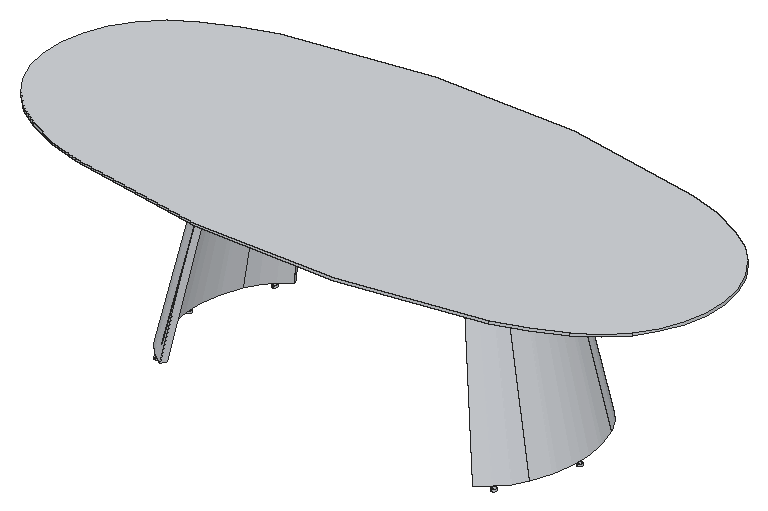
Revit family "Keilhauer-Forsi-Table-Conference-Models-82211-82213-82214", category Furniture, Revit 2016
Family settings
  OmniClass Number = 23.40.20.00
  OmniClass Title = General Furniture and Specialties
  Work Plane-Based = No
  Always vertical = Yes
  Cut with Voids When Loaded = No
  Shared = No
  Room Calculation Point = No
Parameters (values of type "82223")
  Width = 102"
  URL = "https://keilhauer.com/"
  Type Comments = "Forsi"  # constant formula
  Salvage or Reuse = yes
  Product Documentation Link = "https://keilhauer.com/product-family/forsi/"
  Percentage of Recycled Content = 0
  Model = "82223"
  Manufacturer = "Keilhauer"  # constant formula
  Low Emitting Material = yes
  Low Emitting Finish = yes
  Revit File Built By = "https://servex-us.com/servex-revit/"
  Top Finish [instance] = none
  Keynote = "12500"
  Height = 29"  # constant formula
  Glides Finish [instance] = none
  Frame Finish [instance] = none
  Description = "Conference table with ash base"
  Depth = 47"
  Copyright = "© 2022 Keilhauer"
  Base Finish [instance] = none
  Assembly Code = "E2020200"
Types (3): name | Model | Description
  (no name) | "82223" | "Conference table with ash base"
  82223 | "82223" | "Conference table with ash base"
  82224 | "82224" | "Conference table with walnut base"
Reference planes (in)
  plane 1 "Center Front/Back": y = 0
  plane 2: z = 0
  plane 3 "Center Left/Right": x = 0
  plane 4: z = 29
  plane 5: z = 28
  plane 6: z = 0.76743
  plane 7: x = -51
  plane 8: x = 51
  plane 9: y = 23.5
  plane 10: y = -23.5
Forms (in)
  Sweep 1, solid, material <- "Top Finish"
    path origin (0, 25.70756, 29) x (0, 1, 0) y (-1, 0, 0)
      loop
        arc (-6.15322, 31.75) -> (-7.69721, 36.5831) -> (-9.82452, 41.18932) r 41.12935
        arc (-9.82452, 41.18932) -> (-11.95348, 44.35767) -> (-14.65481, 47.05467) r 19.65134
        arc (-14.65481, 47.05467) -> (-25.70756, 51.01) -> (-36.76031, 47.05467) r 17.42052
        arc (-36.76031, 47.05467) -> (-39.46164, 44.35767) -> (-41.5906, 41.18932) r 19.65134
        arc (-41.5906, 41.18932) -> (-43.71792, 36.5831) -> (-45.2619, 31.75) r 41.12935
        arc (-45.2619, 31.75) -> (-49.21106, 0) -> (-45.2619, -31.75) r 129.60478
        arc (-45.2619, -31.75) -> (-43.71792, -36.5831) -> (-41.5906, -41.18932) r 41.12935
        arc (-41.5906, -41.18932) -> (-39.46164, -44.35767) -> (-36.76031, -47.05467) r 19.65134
        arc (-36.76031, -47.05467) -> (-25.70756, -51.01) -> (-14.65481, -47.05467) r 17.42052
        arc (-14.65481, -47.05467) -> (-11.95348, -44.35767) -> (-9.82452, -41.18932) r 19.65134
        arc (-9.82452, -41.18932) -> (-7.69721, -36.5831) -> (-6.15322, -31.75) r 41.12935
        arc (-6.15322, -31.75) -> (-2.20407, 0) -> (-6.15322, 31.75) r 129.60478
    profile origin (0, 23.50349, 29) x (0, 1, 0) y (0, 0, 1)
      loop
        line (0, 0) -> (-1.73644, 0) -> (-1.73644, -1) -> (0, -0.36799) -> (0, 0)
  Extrusion 2, solid, material <- "Top Finish"
    sketch origin (0, 24.07523, 28) x (0, 1, 0) y (-1, 0, 0)
      loop
        arc (-6.20441, 31.32462) -> (-7.68321, 35.95367) -> (-9.72072, 40.36542) r 39.39291
        arc (-9.72072, 40.36542) -> (-11.66156, 43.25381) -> (-14.12419, 45.71249) r 17.9149
        arc (-14.12419, 45.71249) -> (-24.07523, 49.27357) -> (-34.02627, 45.71249) r 15.68408
        arc (-34.02627, 45.71249) -> (-36.4889, 43.25381) -> (-38.42975, 40.36542) r 17.9149
        arc (-38.42975, 40.36542) -> (-40.46725, 35.95367) -> (-41.94605, 31.32462) r 39.39291
        arc (-41.94605, 31.32462) -> (-45.84229, 0) -> (-41.94605, -31.32462) r 127.86834
        arc (-41.94605, -31.32462) -> (-40.46725, -35.95367) -> (-38.42975, -40.36542) r 39.39291
        arc (-38.42975, -40.36542) -> (-36.4889, -43.25381) -> (-34.02627, -45.71249) r 17.9149
        arc (-34.02627, -45.71249) -> (-24.07523, -49.27357) -> (-14.12419, -45.71249) r 15.68408
        arc (-14.12419, -45.71249) -> (-11.66156, -43.25381) -> (-9.72072, -40.36542) r 17.9149
        arc (-9.72072, -40.36542) -> (-7.68321, -35.95367) -> (-6.20441, -31.32462) r 39.39291
        arc (-6.20441, -31.32462) -> (-2.30817, 0) -> (-6.20441, 31.32462) r 127.86834
    from 0 to 1
  Blend 3, solid, material <- "Base Finish"
    base sketch origin (0, 11.79175, 0.76743) x (0, 1, 0) y (-1, 0, 0)
      loop
        arc (-3.88954, 28.65625) -> (-11.79175, 30.36369) -> (-19.69396, 28.65625) r 19.13985
        arc (-19.69396, 28.65625) -> (-22.63111, 26.75382) -> (-24.87935, 24.07211) r 11.77362
        line (-24.87935, 24.07211) -> (-24.02606, 23.55067)
        arc (-24.02606, 23.55067) -> (-21.96878, 26.00461) -> (-19.28109, 27.74546) r 10.77362
        arc (-19.28109, 27.74546) -> (-11.79175, 29.36369) -> (-4.30241, 27.74546) r 18.13985
        arc (-4.30241, 27.74546) -> (-1.61472, 26.00461) -> (0.44256, 23.55067) r 10.77362
        line (0.44256, 23.55067) -> (1.29585, 24.07211)
        arc (1.29585, 24.07211) -> (-0.95238, 26.75382) -> (-3.88954, 28.65625) r 11.77362
    top sketch origin (0, 11.79175, 0.76743) x (0, 1, 0) y (-1, 0, 0)
      loop
        arc (-6.24134, 22.55922) -> (-11.79175, 23.73734) -> (-17.34215, 22.55922) r 13.66371
        arc (-17.34215, 22.55922) -> (-19.4113, 21.23586) -> (-20.99433, 19.35792) r 8.18012
        line (-20.99433, 19.35792) -> (-20.14164, 18.83549)
        arc (-20.14164, 18.83549) -> (-18.75214, 20.48386) -> (-16.93594, 21.64544) r 7.18012
        arc (-16.93594, 21.64544) -> (-11.79175, 22.73734) -> (-6.64756, 21.64544) r 12.66371
        arc (-6.64756, 21.64544) -> (-4.83136, 20.48386) -> (-3.44185, 18.83549) r 7.18012
        line (-3.44185, 18.83549) -> (-2.58917, 19.35792)
        arc (-2.58917, 19.35792) -> (-4.1722, 21.23586) -> (-6.24134, 22.55922) r 8.18012
    from 0 to 27.23257
  Extrusion 4, solid, material <- "Frame Finish"
    sketch origin (0, 24.07523, 28) x (0, 1, 0) y (-1, 0, 0)
      loop
        line (-16.07525, -18.80759) -> (-16.07525, 18.80759) -> (-18.24656, 32.09451)
        arc (-18.24656, 32.09451) -> (-24.07525, 37.048) -> (-29.90393, 32.09451) r 5.906
        line (-29.90393, 32.09451) -> (-32.07525, 18.80759) -> (-32.07525, -18.80759) -> (-29.90393, -32.09451)
        arc (-29.90393, -32.09451) -> (-24.07525, -37.048) -> (-18.24656, -32.09451) r 5.906
        line (-18.24656, -32.09451) -> (-16.07525, -18.80759)
      loop
        line (-17.07525, 18.72641) -> (-19.23347, 31.93323)
        arc (-19.23347, 31.93323) -> (-24.07525, 36.048) -> (-28.91702, 31.93323) r 4.906
        line (-28.91702, 31.93323) -> (-31.07525, 18.72641) -> (-31.07525, -18.72641) -> (-28.91702, -31.93323)
        arc (-28.91702, -31.93323) -> (-24.07525, -36.048) -> (-19.23347, -31.93323) r 4.906
        line (-19.23347, -31.93323) -> (-17.07525, -18.72641) -> (-17.07525, 18.72641)
    from 0 to -1.47963
  Revolve 5, solid, material <- "Glides Finish"
    sketch origin (-30, 0, 0) x (0, 1, 0) y (0, 0, 1)
      loop
        line (0, 0.76743) -> (0, 0) -> (0.37758, 0) -> (0.37758, 0.17655) -> (0.23236, 0.29841) -> (0.17875, 0.49847) -> (0.08638, 0.49847) -> (0.08638, 0.65236) -> (0.19536, 0.65236) -> (0.19536, 0.76743) -> (0, 0.76743)
      axis (0, 0.76743) -> (0, 0)
    angle from 0 to 360
  Revolve 6, solid, material <- "Glides Finish"
    sketch origin (-25.8523, 11.2604, 0) x (0, 1, 0) y (0, 0, 1)
      loop
        line (0, 0.76743) -> (0, 0) -> (0.37758, 0) -> (0.37758, 0.17655) -> (0.23236, 0.29841) -> (0.17875, 0.49847) -> (0.08638, 0.49847) -> (0.08638, 0.65236) -> (0.19536, 0.65236) -> (0.19536, 0.76743) -> (0, 0.76743)
      axis (0, 0.76743) -> (0, 0)
    angle from 0 to 360
  Revolve 7, solid, material <- "Glides Finish"
    sketch origin (-25.8523, -11.2604, 0) x (0, -1, 0) y (0, 0, -1)
      loop
        line (0, -0.76743) -> (0.19536, -0.76743) -> (0.19536, -0.65236) -> (0.08638, -0.65236) -> (0.08638, -0.49847) -> (0.17875, -0.49847) -> (0.23236, -0.29841) -> (0.37758, -0.17655) -> (0.37758, 0) -> (0, 0) -> (0, -0.76743)
      axis (0, -0.76743) -> (0, 0)
    angle from 0 to 360
  Revolve 8, solid, material <- "Glides Finish"
    sketch origin (30, 0, 0) x (0, 1, 0) y (0, 0, -1)
      loop
        line (0, -0.76743) -> (0.19536, -0.76743) -> (0.19536, -0.65236) -> (0.08638, -0.65236) -> (0.08638, -0.49847) -> (0.17875, -0.49847) -> (0.23236, -0.29841) -> (0.37758, -0.17655) -> (0.37758, 0) -> (0, 0) -> (0, -0.76743)
      axis (0, -0.76743) -> (0, 0)
    angle from 0 to 360
  Revolve 9, solid, material <- "Glides Finish"
    sketch origin (25.8523, 11.2604, 0) x (0, 1, 0) y (0, 0, -1)
      loop
        line (0, -0.76743) -> (0.19536, -0.76743) -> (0.19536, -0.65236) -> (0.08638, -0.65236) -> (0.08638, -0.49847) -> (0.17875, -0.49847) -> (0.23236, -0.29841) -> (0.37758, -0.17655) -> (0.37758, 0) -> (0, 0) -> (0, -0.76743)
      axis (0, -0.76743) -> (0, 0)
    angle from 0 to 360
  Revolve 10, solid, material <- "Glides Finish"
    sketch origin (25.8523, -11.2604, 0) x (0, -1, 0) y (0, 0, 1)
      loop
        line (0, 0.76743) -> (0, 0) -> (0.37758, 0) -> (0.37758, 0.17655) -> (0.23236, 0.29841) -> (0.17875, 0.49847) -> (0.08638, 0.49847) -> (0.08638, 0.65236) -> (0.19536, 0.65236) -> (0.19536, 0.76743) -> (0, 0.76743)
      axis (0, 0.76743) -> (0, 0)
    angle from 0 to 360
  Blend 11, solid, material <- "Base Finish"
    base sketch origin (0, 11.79175, 0.76743) x (0, 1, 0) y (-1, 0, 0)
      loop
        arc (-3.88954, -28.65625) -> (-0.95238, -26.75382) -> (1.29585, -24.07211) r 11.77362
        line (1.29585, -24.07211) -> (0.44256, -23.55067)
        arc (0.44256, -23.55067) -> (-1.61472, -26.00461) -> (-4.30241, -27.74546) r 10.77362
        arc (-4.30241, -27.74546) -> (-11.79175, -29.36369) -> (-19.28109, -27.74546) r 18.13985
        arc (-19.28109, -27.74546) -> (-21.96878, -26.00461) -> (-24.02606, -23.55067) r 10.77362
        line (-24.02606, -23.55067) -> (-24.87935, -24.07211)
        arc (-24.87935, -24.07211) -> (-22.63111, -26.75382) -> (-19.69396, -28.65625) r 11.77362
        arc (-19.69396, -28.65625) -> (-11.79175, -30.36369) -> (-3.88954, -28.65625) r 19.13985
    top sketch origin (0, 11.79175, 0.76743) x (0, 1, 0) y (-1, 0, 0)
      loop
        arc (-6.24134, -22.55922) -> (-4.1722, -21.23586) -> (-2.58917, -19.35792) r 8.18012
        line (-2.58917, -19.35792) -> (-3.44185, -18.83549)
        arc (-3.44185, -18.83549) -> (-4.83136, -20.48386) -> (-6.64756, -21.64544) r 7.18012
        arc (-6.64756, -21.64544) -> (-11.79175, -22.73734) -> (-16.93594, -21.64544) r 12.66371
        arc (-16.93594, -21.64544) -> (-18.75214, -20.48386) -> (-20.14164, -18.83549) r 7.18012
        line (-20.14164, -18.83549) -> (-20.99433, -19.35792)
        arc (-20.99433, -19.35792) -> (-19.4113, -21.23586) -> (-17.34215, -22.55922) r 8.18012
        arc (-17.34215, -22.55922) -> (-11.79175, -23.73734) -> (-6.24134, -22.55922) r 13.66371
    from 0 to 27.23257
Cuts and joins
  joined: Sweep 1, Extrusion 2
Lines and regions (in)
  symbolic lines
    curve 1: arc (31.75, 19.55434, 0) -> (0, 23.50349, 0) -> (-31.75, 19.55434, 0) r 129.60478
    curve 2: arc (-31.75, 19.55434, 0) -> (-36.5831, 18.01036, 0) -> (-41.18932, 15.88304, 0) r 41.12935
    curve 3: arc (-41.18932, 15.88304, 0) -> (-44.35767, 13.75408, 0) -> (-47.05467, 11.05275, 0) r 19.65134
    curve 4: arc (-47.05467, 11.05275, 0) -> (-51.01, 0, 0) -> (-47.05467, -11.05275, 0) r 17.42052
    curve 5: arc (-47.05467, -11.05275, 0) -> (-44.35767, -13.75408, 0) -> (-41.18932, -15.88304, 0) r 19.65134
    curve 6: arc (-41.18932, -15.88304, 0) -> (-36.5831, -18.01036, 0) -> (-31.75, -19.55434, 0) r 41.12935
    curve 7: arc (-31.75, -19.55434, 0) -> (0, -23.50349, 0) -> (31.75, -19.55434, 0) r 129.60478
    curve 8: arc (31.75, -19.55434, 0) -> (36.5831, -18.01036, 0) -> (41.18932, -15.88304, 0) r 41.12935
    curve 9: arc (41.18932, -15.88304, 0) -> (44.35767, -13.75408, 0) -> (47.05467, -11.05275, 0) r 19.65134
    curve 10: arc (47.05467, -11.05275, 0) -> (51.01, 0, 0) -> (47.05467, 11.05275, 0) r 17.42052
    curve 11: arc (47.05467, 11.05275, 0) -> (44.35767, 13.75408, 0) -> (41.18932, 15.88304, 0) r 19.65134
    curve 12: arc (41.18932, 15.88304, 0) -> (36.5831, 18.01036, 0) -> (31.75, 19.55434, 0) r 41.12935
  symbolic lines, style "FurnitureHiddenLines", detail levels medium+fine
    curve 13: line (-24.07211, 13.0876, 0) -> (-19.35792, 9.20258, 0)
    curve 14: arc (-28.65625, 7.90221, 0) -> (-26.75382, 10.83936, 0) -> (-24.07211, 13.0876, 0) r 11.77362
    curve 15: arc (-21.64544, 5.14419, 0) -> (-20.48386, 6.96039, 0) -> (-18.83549, 8.34989, 0) r 7.18012
    curve 16: arc (-21.64544, -5.14419, 0) -> (-22.73734, 0, 0) -> (-21.64544, 5.14419, 0) r 12.66371
    curve 17: arc (-18.83549, -8.34989, 0) -> (-20.48386, -6.96039, 0) -> (-21.64544, -5.14419, 0) r 7.18012
    curve 18: line (-19.35792, -9.20258, 0) -> (-18.83549, -8.34989, 0)
    curve 19: line (-24.07211, -13.0876, 0) -> (-19.35792, -9.20258, 0)
    curve 20: arc (-24.07211, -13.0876, 0) -> (-26.75382, -10.83936, 0) -> (-28.65625, -7.90221, 0) r 11.77362
    curve 21: arc (-28.65625, -7.90221, 0) -> (-30.36369, 0, 0) -> (-28.65625, 7.90221, 0) r 19.13985
    curve 22: line (-18.83549, 8.34989, 0) -> (-19.35792, 9.20258, 0)
    curve 23: line (24.07211, 13.0876, 0) -> (19.35792, 9.20258, 0)
    curve 24: arc (28.65625, 7.90221, 0) -> (26.75382, 10.83936, 0) -> (24.07211, 13.0876, 0) r 11.77362
    curve 25: arc (21.64544, 5.14419, 0) -> (20.48386, 6.96039, 0) -> (18.83549, 8.34989, 0) r 7.18012
    curve 26: arc (21.64544, -5.14419, 0) -> (22.73734, 0, 0) -> (21.64544, 5.14419, 0) r 12.66371
    curve 27: arc (18.83549, -8.34989, 0) -> (20.48386, -6.96039, 0) -> (21.64544, -5.14419, 0) r 7.18012
    curve 28: line (19.35792, -9.20258, 0) -> (18.83549, -8.34989, 0)
    curve 29: line (24.07211, -13.0876, 0) -> (19.35792, -9.20258, 0)
    curve 30: arc (24.07211, -13.0876, 0) -> (26.75382, -10.83936, 0) -> (28.65625, -7.90221, 0) r 11.77362
    curve 31: arc (28.65625, -7.90221, 0) -> (30.36369, 0, 0) -> (28.65625, 7.90221, 0) r 19.13985
    curve 32: line (18.83549, 8.34989, 0) -> (19.35792, 9.20258, 0)
Dimensions and locks (in)
  locked: plane 6 to plane 2 at 0.76743
  locked: plane 4 to plane 5 at 1
  "Height": plane 4 to plane 2
  equal spacing: plane 7, plane 3 "Center Left/Right", plane 8
  "Width": plane 7 to plane 8
  locked: plane 5 to Extrusion 4 at 1.47963
  equal spacing: plane 10, plane 1 "Center Front/Back", plane 9
  "Depth": plane 10 to plane 9
  aligned and locked: level to plane 2
  aligned and locked: Extrusion 2 sketch curve to Sweep 1  (x12)
  aligned and locked: Extrusion 2 to plane 5
  aligned and locked: plane 4 to Extrusion 2
  aligned and locked: plane 5 to Blend 3
  aligned and locked: Blend 3 to plane 6
  aligned and locked: plane 5 to Blend 11
  aligned and locked: Blend 11 to plane 6
  aligned and locked: plane 5 to Extrusion 4
  aligned and locked: curve 1 to cut or joined group of Sweep 1, Extrusion 2
  aligned and locked: curve 2 to cut or joined group of Sweep 1, Extrusion 2
  aligned and locked: curve 3 to cut or joined group of Sweep 1, Extrusion 2
  aligned and locked: curve 4 to cut or joined group of Sweep 1, Extrusion 2
  aligned and locked: curve 5 to cut or joined group of Sweep 1, Extrusion 2
  aligned and locked: curve 6 to cut or joined group of Sweep 1, Extrusion 2
  aligned and locked: curve 7 to cut or joined group of Sweep 1, Extrusion 2
  aligned and locked: curve 8 to cut or joined group of Sweep 1, Extrusion 2
  aligned and locked: curve 9 to cut or joined group of Sweep 1, Extrusion 2
  aligned and locked: curve 10 to cut or joined group of Sweep 1, Extrusion 2
  aligned and locked: curve 11 to cut or joined group of Sweep 1, Extrusion 2
  aligned and locked: curve 12 to cut or joined group of Sweep 1, Extrusion 2
Automatic sketch dimensions
  Sweep 1 sketch curve to plane 3 "Center Left/Right" = 0"  (x2)
  plane 1 "Center Front/Back" to Sweep 1 sketch curve = 0"  (x2)
  plane 1 "Center Front/Back" to Sweep 1 sketch curve = 1.41538"  (x2)
  plane 1 "Center Front/Back" to Sweep 1 sketch curve = 20.32176"  (x2)
  Sweep 1 sketch curve to Sweep 1 sketch curve = 85.77952"  (x2)
  Sweep 1 sketch curve to plane 1 "Center Front/Back" = 1.41538"  (x2)
  Sweep 1 sketch curve to plane 1 "Center Front/Back" = 20.32176"  (x2)
  plane 3 "Center Left/Right" to Sweep 1 sketch curve = 21.67432"  (x2)
  Sweep 1 sketch curve to Sweep 1 sketch curve = 10.19086"  (x2)
  Sweep 1 sketch curve to Sweep 1 sketch curve = 0"  (x12)
  Sweep 1 sketch curve to Sweep 1 sketch curve = 1.72431"  (x2)
  Sweep 1 sketch curve to plane 3 "Center Left/Right" = 21.67432"  (x2)
  Sweep 1 sketch curve to plane 7 = 3 121/128"
  Sweep 1 sketch curve to plane 8 = 3 121/128"
  Blend 3 sketch curve to Blend 3 sketch curve = 0"  (x18)
  plane 1 "Center Front/Back" to Blend 3 sketch curve = 0"  (x2)
  plane 1 "Center Front/Back" to Blend 3 sketch curve = 3.04127"
  Blend 3 sketch curve to Blend 3 sketch curve = 9.19304"  (x2)
  Blend 3 sketch curve to Blend 3 sketch curve = 0.85329"  (x2)
  Blend 3 sketch curve to plane 1 "Center Front/Back" = 3.04127"
  Blend 3 sketch curve to plane 3 "Center Left/Right" = 11.22384"
  Blend 3 sketch curve to Blend 3 sketch curve = 6.7091"
  Blend 3 sketch curve to Blend 3 sketch curve = 5.61773"  (x2)
  Blend 3 sketch curve to Blend 3 sketch curve = 0.52143"  (x2)
  plane 1 "Center Front/Back" to Blend 3 sketch curve = 2.22751"
  Blend 3 sketch curve to Blend 3 sketch curve = 6.12238"  (x2)
  Blend 3 sketch curve to Blend 3 sketch curve = 0.85268"  (x2)
  Blend 3 sketch curve to plane 1 "Center Front/Back" = 2.22751"
  Blend 3 sketch curve to plane 3 "Center Left/Right" = 10.07363"
  Blend 3 sketch curve to Blend 3 sketch curve = 5.01078"
  Blend 3 sketch curve to Blend 3 sketch curve = 3.75109"  (x2)
  Blend 3 sketch curve to Blend 3 sketch curve = 0.52243"  (x2)
  Extrusion 4 sketch curve to Extrusion 4 sketch curve = 0"  (x5)
  plane 1 "Center Front/Back" to Extrusion 4 sketch curve = 8"
  Extrusion 4 sketch curve to Extrusion 4 sketch curve = 1"  (x2)
  plane 1 "Center Front/Back" to Extrusion 4 sketch curve = 5.8287"  (x2)
  Extrusion 4 sketch curve to Extrusion 4 sketch curve = 0.98691"  (x4)
  plane 1 "Center Front/Back" to Extrusion 4 sketch curve = 0"  (x2)
  Extrusion 4 sketch curve to plane 1 "Center Front/Back" = 4.84176"  (x2)
  Extrusion 4 sketch curve to plane 1 "Center Front/Back" = 7"
  Extrusion 4 sketch curve to plane 8 = 18.90549"
  Extrusion 4 sketch curve to Extrusion 4 sketch curve = 0.16128"  (x2)
  Extrusion 4 sketch curve to Extrusion 4 sketch curve = 0.79123"  (x2)
  Extrusion 4 sketch curve to Extrusion 4 sketch curve = 13.28692"  (x2)
  Extrusion 4 sketch curve to Extrusion 4 sketch curve = 0.08117"  (x4)
  Extrusion 4 sketch curve to plane 3 "Center Left/Right" = 18.72641"
  Extrusion 4 sketch curve to Extrusion 4 sketch curve = 12.41559"
  Blend 11 sketch curve to Blend 11 sketch curve = 0"  (x19)
  plane 1 "Center Front/Back" to Blend 11 sketch curve = 0"  (x2)
  plane 1 "Center Front/Back" to Blend 11 sketch curve = 3.04127"
  Blend 11 sketch curve to Blend 11 sketch curve = 9.19304"  (x2)
  Blend 11 sketch curve to Blend 11 sketch curve = 0.85329"  (x2)
  Blend 11 sketch curve to plane 1 "Center Front/Back" = 3.04127"
  plane 3 "Center Left/Right" to Blend 11 sketch curve = 24.07211"  (x2)
  Blend 11 sketch curve to Blend 11 sketch curve = 0.52143"  (x2)
  Blend 11 sketch curve to Blend 11 sketch curve = 5.61773"
  Blend 11 sketch curve to Blend 11 sketch curve = 6.7091"
  plane 1 "Center Front/Back" to Blend 11 sketch curve = 2.22751"
  Blend 11 sketch curve to Blend 11 sketch curve = 6.12238"  (x2)
  Blend 11 sketch curve to Blend 11 sketch curve = 0.85268"  (x2)
  Blend 11 sketch curve to plane 1 "Center Front/Back" = 2.22751"
  plane 3 "Center Left/Right" to Blend 11 sketch curve = 19.35792"
  Blend 11 sketch curve to Blend 11 sketch curve = 0.52243"  (x2)
  Blend 11 sketch curve to Blend 11 sketch curve = 3.75109"
  Blend 11 sketch curve to Blend 11 sketch curve = 5.01078"
  plane 1 "Center Front/Back" to curve 21 = 0"
  plane 1 "Center Front/Back" to curve 16 = 0"
  plane 1 "Center Front/Back" to curve 26 = 0"
  plane 1 "Center Front/Back" to curve 31 = 0"
  curve 19 to plane 10 = 10.4124"
  curve 19 to curve 2 = 2.39779"
  plane 9 to curve 13 = 10.4124"
  curve 13 to curve 6 = 2.39779"
  plane 1 "Center Front/Back" to curve 18 = 9.20258"
  curve 20 to curve 18 = 4.71419"
  curve 22 to plane 1 "Center Front/Back" = 9.20258"
  curve 14 to curve 22 = 4.71419"
  plane 1 "Center Front/Back" to curve 18 = 8.34989"
  curve 18 to curve 18 = 0.52243"
  curve 22 to plane 1 "Center Front/Back" = 8.34989"
  curve 13 to curve 22 = 0.52243"
  curve 14 to plane 1 "Center Front/Back" = 3.04127"
  curve 15 to curve 14 = 0.90255"
  plane 1 "Center Front/Back" to curve 20 = 3.04127"
  curve 17 to curve 20 = 0.90255"
  curve 14 to curve 15 = 2.84853"
  curve 20 to curve 17 = 2.84853"
  curve 15 to curve 21 = 3.86057"
  curve 21 to curve 16 = 1.15021"
  plane 3 "Center Left/Right" to curve 26 = 10.07363"
  curve 26 to curve 31 = 1.15021"
  curve 25 to plane 1 "Center Front/Back" = 2.22751"
  curve 31 to curve 25 = 3.86057"
  plane 1 "Center Front/Back" to curve 27 = 2.22751"
  curve 27 to curve 25 = 0"
  curve 27 to curve 30 = 2.84853"
  curve 25 to curve 24 = 2.84853"
  curve 32 to plane 1 "Center Front/Back" = 8.34989"
  curve 24 to curve 32 = 0.90255"
  plane 1 "Center Front/Back" to curve 28 = 8.34989"
  curve 30 to curve 28 = 0.90255"
  plane 1 "Center Front/Back" to curve 29 = 9.20258"
  curve 27 to curve 29 = 0.52243"
  curve 32 to plane 1 "Center Front/Back" = 9.20258"
  curve 32 to curve 32 = 0.52243"
  plane 9 to curve 23 = 10.4124"
  curve 23 to curve 23 = 4.71419"
  curve 29 to plane 10 = 10.4124"
  curve 28 to curve 29 = 4.71419"
  curve 30 to curve 27 = 0.81376"
  plane 1 "Center Front/Back" to curve 17 = 2.22751"
  curve 15 to plane 1 "Center Front/Back" = 2.22751"
  curve 25 to curve 24 = 0.81376"
  curve 21 to curve 20 = 0"
  curve 16 to curve 17 = 0"
  curve 26 to curve 27 = 0"
  curve 31 to curve 30 = 0"
  Sweep 1 sketch curve to plane 4 = 0"
  Sweep 1 sketch curve to profile plane = 0"
  profile plane to Sweep 1 sketch curve = 1.73644"
  Sweep 1 sketch curve to plane 4 = 0.36799"
  Sweep 1 sketch curve to plane 4 = 1"
  Revolve 5 sketch curve to plane 1 "Center Front/Back" = 0"  (x2)
  Revolve 5 sketch curve to level = 0"  (x2)
  Revolve 5 sketch curve to plane 6 = 0"
  Revolve 5 sketch curve to plane 1 "Center Front/Back" = 0.08638"
  Revolve 5 sketch curve to Revolve 5 sketch curve = 0.09237"
  Revolve 5 sketch curve to Revolve 5 sketch curve = 0.10898"
  Revolve 5 sketch curve to Revolve 5 sketch curve = 0.05361"
  Revolve 5 sketch curve to Revolve 5 sketch curve = 0.14522"
  Revolve 5 sketch curve to Revolve 5 sketch curve = 0.17655"
  Revolve 5 sketch curve to Revolve 5 sketch curve = 0.12185"
  Revolve 5 sketch curve to Revolve 5 sketch curve = 0.20007"
  Revolve 5 sketch curve to plane 6 = 0.11507"
  Revolve 5 sketch curve to level = 0.12466"
  Revolve 6 sketch curve to plane 6 = 0"
  Revolve 6 sketch curve to level = 0"  (x2)
  Revolve 6 sketch curve to plane 1 "Center Front/Back" = 11.2604"
  Revolve 6 sketch curve to Revolve 6 sketch curve = 0.08638"
  Revolve 6 sketch curve to plane 6 = 0.26896"
  Revolve 6 sketch curve to Revolve 6 sketch curve = 0.09237"
  Revolve 6 sketch curve to Revolve 6 sketch curve = 0.10898"
  level to Revolve 6 sketch curve = 0.29841"
  Revolve 6 sketch curve to Revolve 6 sketch curve = 0.05361"
  Revolve 6 sketch curve to Revolve 6 sketch curve = 0.14522"
  Revolve 6 sketch curve to Revolve 6 sketch curve = 0.17655"
  Revolve 6 sketch curve to Revolve 6 sketch curve = 0.11507"
  Revolve 6 sketch curve to Revolve 6 sketch curve = 0"
  Revolve 6 sketch curve to level = 0.12466"
  Revolve 7 sketch curve to plane 6 = 0"
  Revolve 7 sketch curve to level = 0"  (x2)
  plane 1 "Center Front/Back" to Revolve 7 sketch curve = 11.2604"
  Revolve 7 sketch curve to Revolve 7 sketch curve = 0.08638"
  Revolve 7 sketch curve to plane 6 = 0.26896"
  Revolve 7 sketch curve to Revolve 7 sketch curve = 0.09237"
  Revolve 7 sketch curve to Revolve 7 sketch curve = 0.10898"
  level to Revolve 7 sketch curve = 0.29841"
  Revolve 7 sketch curve to Revolve 7 sketch curve = 0.05361"
  Revolve 7 sketch curve to Revolve 7 sketch curve = 0.14522"
  Revolve 7 sketch curve to plane 6 = 0.11507"
  Revolve 7 sketch curve to Revolve 7 sketch curve = 0.17655"
  Revolve 7 sketch curve to Revolve 7 sketch curve = 0"
  Revolve 7 sketch curve to level = 0.12466"
  Revolve 8 sketch curve to plane 1 "Center Front/Back" = 0"  (x2)
  Revolve 8 sketch curve to level = 0"  (x2)
  Revolve 8 sketch curve to plane 6 = 0"
  Revolve 8 sketch curve to plane 1 "Center Front/Back" = 0.08638"
  Revolve 8 sketch curve to Revolve 8 sketch curve = 0.09237"
  Revolve 8 sketch curve to Revolve 8 sketch curve = 0.10898"
  Revolve 8 sketch curve to Revolve 8 sketch curve = 0.05361"
  Revolve 8 sketch curve to Revolve 8 sketch curve = 0.14522"
  Revolve 8 sketch curve to plane 6 = 0.11507"
  Revolve 8 sketch curve to Revolve 8 sketch curve = 0.15389"
  Revolve 8 sketch curve to Revolve 8 sketch curve = 0.20007"
  Revolve 8 sketch curve to Revolve 8 sketch curve = 0.17655"
  Revolve 8 sketch curve to level = 0.12466"
  Revolve 9 sketch curve to plane 6 = 0"
  Revolve 9 sketch curve to level = 0"  (x2)
  Revolve 9 sketch curve to plane 1 "Center Front/Back" = 11.2604"
  Revolve 9 sketch curve to Revolve 9 sketch curve = 0.08638"
  Revolve 9 sketch curve to plane 6 = 0.26896"
  Revolve 9 sketch curve to Revolve 9 sketch curve = 0.09237"
  Revolve 9 sketch curve to Revolve 9 sketch curve = 0.10898"
  level to Revolve 9 sketch curve = 0.29841"
  Revolve 9 sketch curve to Revolve 9 sketch curve = 0.05361"
  Revolve 9 sketch curve to Revolve 9 sketch curve = 0.14522"
  Revolve 9 sketch curve to Revolve 9 sketch curve = 0.11507"
  level to Revolve 9 sketch curve = 0.17655"
  Revolve 9 sketch curve to Revolve 9 sketch curve = 0"
  Revolve 9 sketch curve to Revolve 9 sketch curve = 0.12466"
  Revolve 10 sketch curve to plane 6 = 0"
  Revolve 10 sketch curve to level = 0"  (x2)
  plane 1 "Center Front/Back" to Revolve 10 sketch curve = 11.2604"
  Revolve 10 sketch curve to Revolve 10 sketch curve = 0.08638"
  Revolve 10 sketch curve to plane 6 = 0.26896"
  Revolve 10 sketch curve to Revolve 10 sketch curve = 0.09237"
  Revolve 10 sketch curve to Revolve 10 sketch curve = 0.10898"
  level to Revolve 10 sketch curve = 0.29841"
  Revolve 10 sketch curve to Revolve 10 sketch curve = 0.05361"
  Revolve 10 sketch curve to Revolve 10 sketch curve = 0.14522"
  Revolve 10 sketch curve to Revolve 10 sketch curve = 0.17655"
  Revolve 10 sketch curve to plane 6 = 0.11507"
  Revolve 10 sketch curve to Revolve 10 sketch curve = 0"
  Revolve 10 sketch curve to level = 0.12466"
